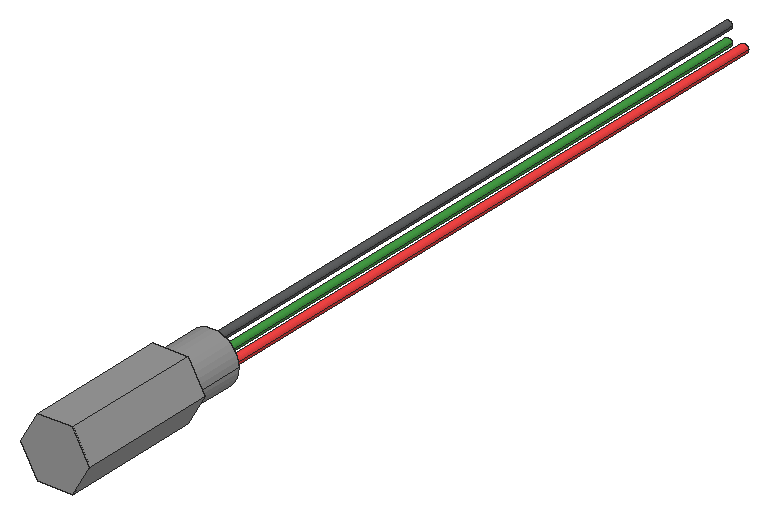
Revit family "MSR-Schutz für explosionsgefährdete Bereiche", category Generic Models, Revit 2015
Parameters (values of type "FDB-3 24-N")
  Width = 23 mm
  URL = "http://www.obo-bettermann.com"
  Material = Steel
  Manufacturer Art.No. = "5098392"
  Manufacturer = "OBO Bettermann"
  Length 1 = 55 mm
  Length = 75 mm
  GTIN = "4012195683391"
  Article Type = "FDB-3 24-N"
Types (5, lengths in mm): name | Manufacturer Art.No. | GTIN | Article Type
  (no name) | "5098392" | "4012195683391" | "FDB-3 24-N"
  FDB-2 24-M | "5098380" | "4012195683339" | "FDB-2 24-M"
  FDB-3 24-M | "5098382" | "4012195683346" | "FDB-3 24-M"
  FDB-2 24-N | "5098390" | "4012195683384" | "FDB-2 24-N"
  FDB-3 24-N | "5098392" | "4012195683391" | "FDB-3 24-N"
Reference planes
  plane 1 "Center (Front/Back)": y = 0
  plane 2: z = 0
  plane 3 "Center (Left/Right)": x = 0
  plane 4: y = 55
  plane 5: y = 75
  plane 6: y = 325
Forms (mm)
  Extrusion 1, solid, material "Steel" <- "Material"
    sketch origin (0, 0, 0) x (1, 0, 0) y (0, 0, 1)
      loop
        line (6.655, -11.5) -> (13.287, 0) -> (6.655, 11.5) -> (-6.632, 11.5) -> (-13.264, 0) -> (-6.632, -11.5) -> (6.655, -11.5)
    from -55 to 0
  Extrusion 2, solid, material "Steel" <- "Material"
    sketch origin (0, 0, 0) x (1, 0, 0) y (0, 0, 1)
      loop
        circle (0, 0) r 10
    from -75 to -55
  Extrusion 3, solid, material "Black cable"
    sketch origin (0, 0, 0) x (1, 0, 0) y (0, 0, 1)
      loop
        circle (-3, 3) r 1.5
    from -325 to -75
  Extrusion 4, solid, material "Green cable"
    sketch origin (0, 0, 0) x (1, 0, 0) y (0, 0, 1)
      loop
        circle (-3, -3) r 1.508
    from -325 to -75
  Extrusion 5, solid, material "Red cable"
    sketch origin (0, 0, 0) x (1, 0, 0) y (0, 0, 1)
      loop
        circle (3, -3) r 1.652
    from -325 to -75
Dimensions and locks
  "Width": Extrusion 1 sketch curve to Extrusion 1 sketch curve  (x3)
  "Length 1": plane 4 to plane 1 "Center (Front/Back)"
  "Length": plane 5 to plane 1 "Center (Front/Back)"
  locked: plane 6 to plane 5 at 250
  locked: Extrusion 3 sketch curve to level at 3
  locked: plane 3 "Center (Left/Right)" to Extrusion 3 sketch curve at 3
  locked: plane 3 "Center (Left/Right)" to Extrusion 4 sketch curve at 3
  locked: level to Extrusion 4 sketch curve at 3
  locked: Extrusion 5 sketch curve to plane 3 "Center (Left/Right)" at 3
  locked: level to Extrusion 5 sketch curve at 3
  diameter of Extrusion 2 sketch curve = 20 mm
  diameter of Extrusion 3 sketch curve = 3 mm
  diameter of Extrusion 4 sketch curve = 3.015 mm
  diameter of Extrusion 5 sketch curve = 3.304 mm
  aligned and locked: level to plane 2
  aligned and locked: plane 1 "Center (Front/Back)" to Extrusion 1
  aligned and locked: plane 4 to Extrusion 1
  aligned and locked: plane 5 to Extrusion 2
  aligned and locked: Extrusion 2 to Extrusion 1
  aligned and locked: plane 6 to Extrusion 3
  aligned and locked: Extrusion 3 to plane 5
  aligned and locked: plane 6 to Extrusion 4
  aligned and locked: Extrusion 4 to plane 5
  aligned and locked: plane 6 to Extrusion 5
  aligned and locked: Extrusion 5 to plane 5
Automatic sketch dimensions
  Extrusion 1 sketch curve to level = 0 mm  (x2)
  Extrusion 1 sketch curve to plane 3 "Center (Left/Right)" = 13.264 mm
  Extrusion 1 sketch curve to plane 3 "Center (Left/Right)" = 6.632 mm  (x2)
  Extrusion 2 sketch curve to level = 0 mm
  Extrusion 2 sketch curve to plane 3 "Center (Left/Right)" = 0 mm
